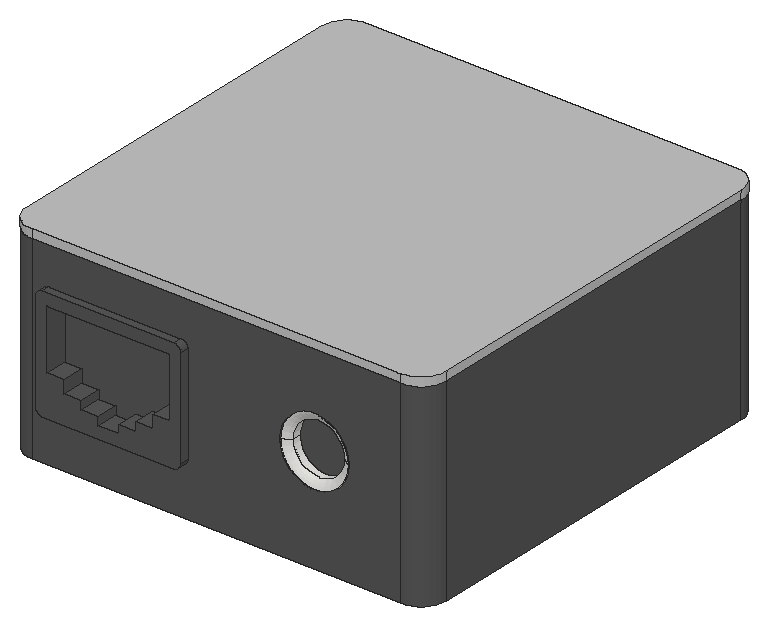
Revit family "1Electronics_Commercial-Audio_Biamp_Microphone-Discussion-System_MDS-Int", category Communication Devices, host Face, Revit 2020
Family settings
  Host = Face
  Maintain Annotation Orientation = No
  Round Connector Dimension = Use Diameter
  Part Type = Normal
  OmniClass Number = 23.85.10.11
  Cut with Voids When Loaded = No
  Shared = No
  Room Calculation Point = No
Parameters (values of type "INT")
  Power supply in = "100 - 240 VAC/47-53Hz/1.4A max"  # constant formula
  Width = 0' - 1.92913"  # constant formula
  Weight = 1.32277 lbf  # constant formula
  URL = "https://www.biamp.com/"
  THD = "< 0.5%"  # constant formula
  System signal output = "Unbalanced jack connector 6.3 mm"  # constant formula
  Signal to noise ratio = "> 60 dB"  # constant formula
  Product data url = "https://www.bimobject.com/biamp/product/mds-int_commercial-audio-microphone"
  Product Page URL = "https://www.biamp.com/products/product-families/commercial-audio/microphones#mds-int"
  Product Documentation Link = "https://downloads.biamp.com/assets/docs/default-source/data-sheets/biamp_data_sheet_mds-int_aug20.pdf"
  Power supply out = "15 VDC/4.3A switching mode power supply"  # constant formula
  Output impedance = "< 1 kohm"  # constant formula
  Nominal output level = "100 mV"  # constant formula
  Model = "INT"  # constant formula
  Manufacturer = "Biamp"  # constant formula
  Housing Material = Biamp - Plastic - Black
  Height = 0' - 0.94488"  # constant formula
  Description = "MDS.INT Interface and PSU for Microphone Discussion System"  # constant formula
  Depth = 0' - 1.92913"  # constant formula
  Default Elevation = 4' - 0"
  Accessories supplied = "power supply & cable, 1.5m 6.3 mm jack cable (unbalanced) "  # constant formula
Reference planes (in)
  plane 1 "Center (Front/Back)": y = 0
  plane 2: z = 0
  plane 3 "Center (Left/Right)": x = 0
Forms (in)
  Extrusion 1, solid, material "Biamp - Plastic - Black" <- "Housing Material", detail levels fine
    sketch origin (0, 0, 0) x (1, 0, 0) y (0, 1, 0)
      loop
        arc (-0.84646, 0.96457) -> (-0.92997, 0.92997) -> (-0.96457, 0.84646) r 0.11811
        line (-0.96457, 0.84646) -> (-0.96457, -0.84646)
        arc (-0.96457, -0.84646) -> (-0.92997, -0.92997) -> (-0.84646, -0.96457) r 0.11811
        line (-0.84646, -0.96457) -> (0.84646, -0.96457)
        arc (0.84646, -0.96457) -> (0.92997, -0.92997) -> (0.96457, -0.84646) r 0.11811
        line (0.96457, -0.84646) -> (0.96457, 0.84646)
        arc (0.96457, 0.84646) -> (0.92997, 0.92997) -> (0.84646, 0.96457) r 0.11811
        line (0.84646, 0.96457) -> (-0.84646, 0.96457)
    from 0 to 0.90551
  Extrusion 2, solid, material "Biamp - Plastic - Black" <- "Housing Material", detail levels medium
    sketch origin (0, 0, 0) x (1, 0, 0) y (0, 1, 0)
      loop
        arc (-0.84646, 0.96457) -> (-0.92997, 0.92997) -> (-0.96457, 0.84646) r 0.11811
        line (-0.96457, 0.84646) -> (-0.96457, -0.84646)
        arc (-0.96457, -0.84646) -> (-0.92997, -0.92997) -> (-0.84646, -0.96457) r 0.11811
        line (-0.84646, -0.96457) -> (0.84646, -0.96457)
        arc (0.84646, -0.96457) -> (0.92997, -0.92997) -> (0.96457, -0.84646) r 0.11811
        line (0.96457, -0.84646) -> (0.96457, 0.84646)
        arc (0.96457, 0.84646) -> (0.92997, 0.92997) -> (0.84646, 0.96457) r 0.11811
        line (0.84646, 0.96457) -> (-0.84646, 0.96457)
    from 0 to 0.94488
  Extrusion 3, solid, material "Biamp - Plastic - Black" <- "Housing Material", detail levels coarse
    sketch origin (0, 0, 0) x (1, 0, 0) y (0, 1, 0)
      loop
        line (-0.96457, 0.96457) -> (-0.96457, -0.96457) -> (0.96457, -0.96457) -> (0.96457, 0.96457) -> (-0.96457, 0.96457)
    from 0 to 0.94488
  Extrusion 4, solid, material "Biamp - Metal - Gray", detail levels fine
    sketch origin (0, 0, 0) x (1, 0, 0) y (0, 1, 0)
      loop
        arc (-0.84646, 0.96457) -> (-0.92997, 0.92997) -> (-0.96457, 0.84646) r 0.11811
        line (-0.96457, 0.84646) -> (-0.96457, -0.84646)
        arc (-0.96457, -0.84646) -> (-0.92997, -0.92997) -> (-0.84646, -0.96457) r 0.11811
        line (-0.84646, -0.96457) -> (0.84646, -0.96457)
        arc (0.84646, -0.96457) -> (0.92997, -0.92997) -> (0.96457, -0.84646) r 0.11811
        line (0.96457, -0.84646) -> (0.96457, 0.84646)
        arc (0.96457, 0.84646) -> (0.92997, 0.92997) -> (0.84646, 0.96457) r 0.11811
        line (0.84646, 0.96457) -> (-0.84646, 0.96457)
    from 0.90551 to 0.94488
  Extrusion 5, void
    sketch origin (24.23228, -0.96457, 0) x (-1, 0, 0) y (0, 0, -1)
      loop
        circle (23.78188, -0.48378) r 0.15748
      loop
        line (24.7582, -0.25633) -> (24.64009, -0.25633) -> (24.64009, -0.29433) -> (24.56135, -0.29433) -> (24.56135, -0.3337) -> (24.48261, -0.3337) -> (24.48261, -0.39276) -> (24.40387, -0.39276) -> (24.40387, -0.69424) -> (24.99442, -0.69424) -> (24.99442, -0.39276) -> (24.91568, -0.39276) -> (24.91568, -0.3337) -> (24.83694, -0.3337) -> (24.83694, -0.29433) -> (24.7582, -0.29433) -> (24.7582, -0.25633)
    from -0.06374 to 0
  Extrusion 6, solid, material "Biamp - Plastic - Black" <- "Housing Material", detail levels fine
    sketch origin (24.23228, -0.96457, 0) x (-1, 0, 0) y (0, 0, -1)
      loop
        line (24.99442, -0.69424) -> (24.99442, -0.39276) -> (24.91568, -0.39276) -> (24.91568, -0.3337) -> (24.83694, -0.3337) -> (24.83694, -0.29433) -> (24.7582, -0.29433) -> (24.7582, -0.25633) -> (24.64009, -0.25633) -> (24.64009, -0.29433) -> (24.56135, -0.29433) -> (24.56135, -0.3337) -> (24.48261, -0.3337) -> (24.48261, -0.39276) -> (24.40387, -0.39276) -> (24.40387, -0.69424) -> (24.99442, -0.69424)
      loop
        line (24.98261, -0.68242) -> (24.98261, -0.40457) -> (24.90387, -0.40457) -> (24.90387, -0.34551) -> (24.82513, -0.34551) -> (24.82513, -0.30614) -> (24.74639, -0.30614) -> (24.74639, -0.26814) -> (24.6519, -0.26814) -> (24.6519, -0.30614) -> (24.57316, -0.30614) -> (24.57316, -0.34551) -> (24.49442, -0.34551) -> (24.49442, -0.40457) -> (24.41568, -0.40457) -> (24.41568, -0.68242) -> (24.98261, -0.68242)
    from -0.06374 to 0
  Extrusion 7, solid, material "Biamp - Plastic - Black" <- "Housing Material", detail levels fine
    sketch origin (24.23228, -0.96457, 0) x (-1, 0, 0) y (0, 0, -1)
      loop
        line (24.3645, -0.24767) -> (24.3645, -0.7029)
        arc (24.3645, -0.7029) -> (24.37349, -0.72461) -> (24.39521, -0.73361) r 0.03071
        line (24.39521, -0.73361) -> (25.00308, -0.73361)
        arc (25.00308, -0.73361) -> (25.0248, -0.72461) -> (25.03379, -0.7029) r 0.03071
        line (25.03379, -0.7029) -> (25.03379, -0.24767)
        arc (25.03379, -0.24767) -> (25.0248, -0.22596) -> (25.00308, -0.21696) r 0.03071
        line (25.00308, -0.21696) -> (24.39521, -0.21696)
        arc (24.39521, -0.21696) -> (24.37349, -0.22596) -> (24.3645, -0.24767) r 0.03071
      loop
        line (24.98261, -0.68242) -> (24.98261, -0.40457) -> (24.90387, -0.40457) -> (24.90387, -0.34551) -> (24.82513, -0.34551) -> (24.82513, -0.30614) -> (24.74639, -0.30614) -> (24.74639, -0.26814) -> (24.6519, -0.26814) -> (24.6519, -0.30614) -> (24.57316, -0.30614) -> (24.57316, -0.34551) -> (24.49442, -0.34551) -> (24.49442, -0.40457) -> (24.41568, -0.40457) -> (24.41568, -0.68242) -> (24.98261, -0.68242)
    from 0 to 0.03937
  Revolve 8, solid, material "Biamp - Metal - Silver", detail levels fine
    sketch origin (0, 0, 0.48378) x (1, 0, 0) y (0, 1, 0)
      loop
        line (0.29293, -0.90083) -> (0.29293, -0.96457)
        arc (0.29293, -0.96457) -> (0.31444, -0.95339) -> (0.3323, -0.937) r 0.09218
        line (0.3323, -0.937) -> (0.3323, -0.90083) -> (0.29293, -0.90083)
      axis (0.45041, -0.90083) -> (0.45041, -0.96457)
    angle from 0 to 360
  Extrusion 9, void
    sketch origin (24.23228, -0.96457, 0) x (1, 0, 0) y (0, 0, -1)
      loop
        line (-23.5748, -0.42669) -> (-23.5748, -0.30945) -> (-23.88092, -0.30945) -> (-23.88092, -0.42669) -> (-23.5748, -0.42669)
      loop
        line (-24.88977, -0.42669) -> (-24.58365, -0.42669) -> (-24.58365, -0.30945) -> (-24.88977, -0.30945) -> (-24.88977, -0.42669)
    from 1.89599 to 1.92913
  Extrusion 10, solid, material "Biamp - Plastic - Black" <- "Housing Material", detail levels medium+fine
    sketch origin (24.23228, -0.96457, 0) x (-1, 0, 0) y (0, 0, -1)
      loop
        line (23.75561, -0.42275) -> (23.87698, -0.42275) -> (23.87698, -0.31339) -> (23.75561, -0.31339) -> (23.75561, -0.42275)
      loop
        line (24.70896, -0.42275) -> (24.70896, -0.31339) -> (24.58759, -0.31339) -> (24.58759, -0.42275) -> (24.70896, -0.42275)
    from -2.00702 to -1.89599
Cuts and joins
  Extrusion 5, Extrusion 9 cuts Extrusion 1
  Extrusion 5 cuts Extrusion 3
  Extrusion 5 cuts Extrusion 4
  Extrusion 5, Extrusion 9 cuts Extrusion 2
  joined: Extrusion 6, Extrusion 7
Lines and regions (in)
  Masking region 1
    outline origin (0, 0, 0) x (1, 0, 0) y (0, 1, 0)
      loop
        line (-0.96457, 0.96457) -> (-0.96457, -0.96457) -> (0.96457, -0.96457) -> (0.96457, 0.96457) -> (-0.96457, 0.96457)
  Masking region 2
    outline origin (0, 0, 0) x (1, 0, 0) y (0, 1, 0)
      loop
        line (-0.47668, 1.04246) -> (-0.47668, 0.96457) -> (-0.35136, 0.96457) -> (-0.35136, 1.04246) -> (-0.47668, 1.04246)
      loop
        line (0.3553, 1.04246) -> (0.3553, 0.96457) -> (0.47668, 0.96457) -> (0.47668, 1.04246) -> (0.3553, 1.04246)
Dimensions and locks (in)
  aligned and locked: plane 2 to host face
  aligned and locked: level to host face
  aligned and locked: Extrusion 6 sketch curve to cut or joined group of Extrusion 2, Extrusion 5, Extrusion 9
Connectors (in)
  electrical at (-0.46686, -0.90083, 0.37402)
    settings: on cut or joined group of Extrusion 1, Extrusion 5, Extrusion 9, index 1, voltage 0 V, apparent load 0 VA, apparent load phase1 0 VA, apparent load phase2 0 VA, apparent load phase3 0 VA, power factor 1, load classification "Other", number of poles 1, system type 5, power factor state 1, is connector primary yes, connector utility no, sub classification motor no, connector description "Audio in RJ45 connector"
  electrical at (0.45041, -0.90083, 0.48378)
    settings: on Revolve 8, index 2, voltage 0 V, apparent load 0 VA, apparent load phase1 0 VA, apparent load phase2 0 VA, apparent load phase3 0 VA, power factor 1, load classification "Other", number of poles 1, system type 5, power factor state 1, is connector primary no, connector utility no, sub classification motor no, connector description "Jack 6.3 mm; Unbalanced"
